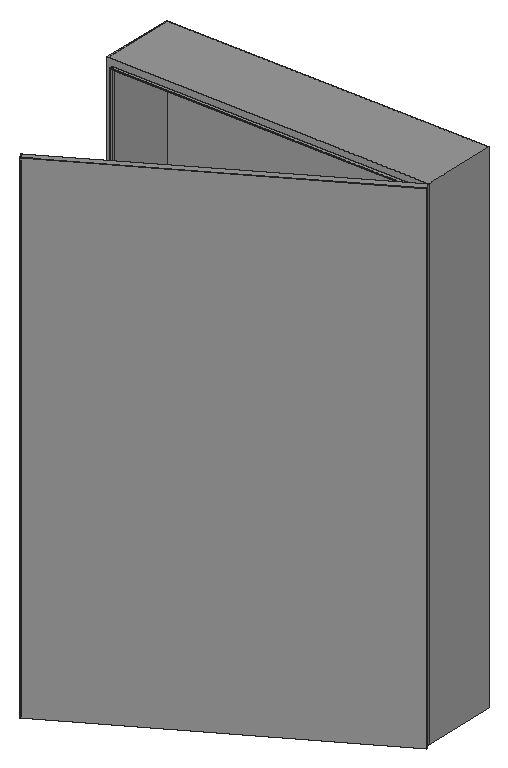
Revit family "Hager-Univers-IP44-D205-H1250-Cl.I-Encl-NoHosted-CH-it", category Electrical Equipment, Revit 2020
Family settings
  Panel Configuration = Two Columns, Circuits Across
  Round Connector Dimension = Use Diameter
  Part Type = Panelboard
  Work Plane-Based = Yes
  Always vertical = Yes
  Cut with Voids When Loaded = No
  Shared = No
  Room Calculation Point = No
Parameters (values of type "A parete IP44 L800 A1250 P205  - FP83TN2")
  Width Control [instance] = if([EF000008 - Larghezza] > Min Width, [EF000008 - Larghezza], Min Width)  # 800 mm
  Type Comments = [HG000003 - Gamma]  # "Univers"
  Thickness Door [instance] = if([EF009171 - spessore materiale porta/coperchio] > 3 mm, 3 mm, [EF009171 - spessore materiale porta/coperchio])  # 1 mm
  Seal Frame Offset [instance] = 17 mm  # constant formula
  Plinth Visibility [instance] = [HG000027 - Altezza dello zoccolo] > 0 mm  # no
  Min Width [instance] = 100 mm  # constant formula
  Min Depth [instance] = (2 * [EF009170 - spessore materiale scatola]) + 1 mm  # 3 mm
  Min Height [instance] = 100 mm  # constant formula
  Internal Frame Depth [instance] = (Door System Depth * 0.5)  # 9 mm
  Panel Name [instance] = ""  # (empty or 0)
  Model = ""
  HG000027 - Altezza dello zoccolo = 0 mm
  HG000026 - A pavimento = no
  HG000024 - Altezza della sezione inferiore = 600 mm
  HG000023 - Custodia a doppia sezione = no
  HG000016 - Visibilità delle porte nella vista 3D [instance] = yes
  HG000015 - Visibilità attraverso la porta [instance] = no
  HG000014 - Porta destra [instance] = yes
  HG000013 - Porta sinistra [instance] = not([HG000014 - Porta destra])  # no
  HG000012 - Angolo di apertura della porta [instance] = 30.00°
  HG000010 - Porte asimmetriche = no
  HG000009 - Porta doppia a battente = no
  HG000006 - Ad incasso = no
  HG000004 - Codice produttore = "FP83TN2"
  HG000003 - Gamma = "Univers"
  HG000002 - Con porta = yes
  Frame Offset Bottom [instance] = 10 mm  # constant formula
  Frame Offset [instance] = 15 mm  # constant formula
  EF015940 - Coprire con rilascio di sovrapressione = no
  EF011959 - tipo di protezione (NEMA) = ""
  EF009554 - numero delle aperture per la piastra della flangia = 6
  EF009212 - esecuzione coperchio = "EV000116 - chiuso"
  EF009171 - spessore materiale porta/coperchio = 1 mm
  EF009170 - spessore materiale scatola = 1 mm
  EF008873 - corrente nominale (In) = 250 A
  EF007800 - adatto per parafulmine = no
  EF006306 - con serratura = no
  EF006244 - coperchio/porta trasparente = no
  EF005474 - grado di protezione (IP) = "EV006418 - IP44"
  EF004464 - tipo di porta = "EV002646 - singolo"
  EF004427 - numero di moduli = 288
  EF004293 - resistenza agli urti = "EV006815 - IK09"
  EF003532 - adatto per uso esterno = no
  EF002950 - Numero moduli DIN = 36
  EF001613 - Integrità del circuito = "EV000494 - senza"
  EF001596 - Attacco Lampada = "EV000179 - acciaio"
  EF001131 - profondità interna = 130 mm
  EF001088 - possibilità di applicazione = yes
  EF000437 - numero di ingressi per conduttori = 6
  EF000339 - tipo di copertura = "EV001012 - coperchio"
  EF000266 - numero di file = 8
  EF000218 - profondità di incasso = 205 mm
  EF000118 - con piastra di montaggio = no
  EF000116 - numero RAL = "9010"
  EF000049 - profondità = 205 mm
  EF000040 - Altezza = 1250 mm
  EF000008 - Larghezza = 800 mm
  EF000007 - colore = "EV000202 - bianco"
  EF000003 - Tipo di montaggio = "EV000384 - A parete"
  Door System Leaf Tolerance [instance] = 1.5 mm  # constant formula
  Door System Depth [instance] = 18 mm  # constant formula
  Door Height [instance] = Height Control - [HG000027 - Altezza dello zoccolo]  # 1250 mm
  Description = ""
  Default Elevation = 1219.2 mm
  Connector Offset [instance] = Height Control / 2  # 625 mm
  Manufacturer = "Hager"  # constant formula
  Height Control [instance] = if([EF000040 - Altezza] > Min Height, [EF000040 - Altezza], Min Height)  # 1250 mm
  Depth Control [instance] = if([EF000049 - profondità] > Min Depth, [EF000049 - profondità], Min Depth)  # 205 mm
  Bottom Top Plate Trim [instance] = 1.5 mm  # constant formula
  Plinth height Ctrl [instance] = if([HG000027 - Altezza dello zoccolo] > 0 mm, [HG000027 - Altezza dello zoccolo], 12 mm)  # 12 mm
Types (10, lengths in mm): name | Width Control | HG000010 - Porte asimmetriche | HG000009 - Porta doppia a battente | HG000004 - Codice produttore | EF009554 - numero delle aperture per la piastra della flangia | EF004464 - tipo di porta | EF004427 - numero di moduli | EF002950 - Numero moduli DIN | EF000437 - numero di ingressi per conduttori | EF000218 - profondità di incasso | EF000008 - Larghezza
  A parete IP44 L1050 A1250 P205  - FP84QT | 1050 | no | no | "FP84QT" | 8 | "EV003602 - doppio" | 384 | 48 | 8 | 0 | 1050
  A parete IP44 L1050 A1250 P205  - FP84TN2 | 1050 | no | yes | "FP84TN2" | 8 | "EV003602 - doppio" | 384 | 48 | 8 | 205 | 1050
  A parete IP44 L1300 A1250 P205  - FP85QT | 1300 | no | no | "FP85QT" | 10 | "EV003602 - doppio" | 480 | 60 | 10 | 0 | 1300
  A parete IP44 L1300 A1250 P205  - FP85TN2 | 1300 | yes | yes | "FP85TN2" | 10 | "EV003602 - doppio" | 480 | 60 | 10 | 205 | 1300
  A parete IP44 L300 A1250 P205  - FP81QT | 300 | no | no | "FP81QT" | 2 | "EV002646 - singolo" | 96 | 12 | 2 | 0 | 300
  A parete IP44 L300 A1250 P205  - FP81TN2 | 300 | no | no | "FP81TN2" | 2 | "EV002646 - singolo" | 96 | 12 | 2 | 205 | 300
  A parete IP44 L550 A1250 P205  - FP82QT | 550 | no | no | "FP82QT" | 4 | "EV002646 - singolo" | 192 | 24 | 4 | 0 | 550
  A parete IP44 L550 A1250 P205  - FP82TN2 | 550 | no | no | "FP82TN2" | 4 | "EV002646 - singolo" | 192 | 24 | 4 | 205 | 550
  A parete IP44 L800 A1250 P205  - FP83QT | 800 | no | no | "FP83QT" | 6 | "EV002646 - singolo" | 288 | 36 | 6 | 0 | 800
  A parete IP44 L800 A1250 P205  - FP83TN2 | 800 | no | no | "FP83TN2" | 6 | "EV002646 - singolo" | 288 | 36 | 6 | 205 | 800
Reference planes
  plane 1 "Center (Front/Back)": y = 0
  plane 2: z = 0
  plane 3 "Center (Left/Right)": x = 0
  plane 4: y = 0
  plane 5: y = 0
  plane 6: z = 0
  plane 7: x = -400
  plane 8: x = 400
  plane 9: x = 399
  plane 10: x = -399
  plane 11: z = 0
  plane 12: z = 1
  plane 13: y = -205
  plane 14: y = -1
  plane 15: x = 0
  plane 16: y = -187
  plane 17: y = -204
  plane 18: y = -186
  plane 19: x = -384
  plane 20: x = 384
  plane 21: z = 11
  plane 22: x = -383
  plane 23: x = 383
  plane 24: z = 0
  plane 25: z = 1250
  plane 26: z = 1250
  plane 27: z = 1234
  plane 28: z = 1249
Forms (mm)
  Extrusion 1, solid, material "Hager_Steel_RAL7035_Light_Grey", detail levels medium+fine
    sketch origin (-208.679, -4572, 0) x (-1, 0, 0) y (0, -1, 0)
      loop
        line (191.321, -4385) -> (-608.679, -4385) -> (-608.679, -4572) -> (191.321, -4572) -> (191.321, -4385)
    from 0 to 1250
  Extrusion 2, void
    sketch origin (-350.771, -205, 1219.2) x (1, 0, 0) y (0, 0, 1)
      loop
        line (-48.229, 29.8) -> (-48.229, -1218.2) -> (749.771, -1218.2) -> (749.771, 29.8) -> (-48.229, 29.8)
    from -19 to -204
  Extrusion 3, void
    sketch origin (-290.084, -187, 1219.2) x (1, 0, 0) y (0, 0, 1)
      loop
        line (-93.916, -1208.2) -> (674.084, -1208.2) -> (674.084, 14.8) -> (-93.916, 14.8) -> (-93.916, -1208.2)
    from 0 to -1
  Extrusion 4, solid, material "Hager_Steel_RAL7035_Light_Grey", visible <- "Plinth Visibility", detail levels medium+fine
    sketch origin (0, 0, 0) x (1, 0, 0) y (0, 1, 0)
      loop
        line (-400, 0) -> (-400, -187) -> (400, -187) -> (400, 0) -> (-400, 0)
    from 0 to 12 <- "Plinth height Ctrl"
  Extrusion 5, solid, material "Hager_Steel_RAL7035_Light_Grey", detail levels coarse
    sketch origin (0, 0, 0) x (1, 0, 0) y (0, 1, 0)
      loop
        line (-400, 0) -> (-400, -205) -> (400, -205) -> (400, 0) -> (-400, 0)
    from 0 to 1250 <- "Height Control"
  Sweep 6, void
    path in 3D
      loop
        line (-400, -187, 12) -> (400, -187, 12) -> (400, 0, 12) -> (-400, 0, 12) -> (-400, -187, 12)
    profile origin (-400, -93.5, 12) x (1, 0, 0) y (0, 0, 1)
      loop
        line (0, 0) -> (0, -1.5) -> (1.5, -1.5)
        arc (1.5, -1.5) -> (1.061, -0.439) -> (0, 0) r 1.5
  Extrusion 7, solid, material "Hager_Steel_RAL7035_Light_Grey", detail levels fine
    sketch origin (-400, -187, 0) x (1, 0, 0) y (0, 0, 1)
      loop
        line (16, 11) -> (784, 11) -> (784, 1234) -> (16, 1234) -> (16, 11)
      loop
        line (15, 10) -> (785, 10) -> (785, 1235) -> (15, 1235) -> (15, 10)
    from 0 to 9 <- "Internal Frame Depth"
Cuts and joins
  Extrusion 2, Extrusion 3 cuts Extrusion 1
  Sweep 6 cuts Extrusion 4
Lines and regions (mm)
  Masking region 1
    outline origin (0, 0, 0) x (1, 0, 0) y (0, 1, 0)
      loop
        line (-400, 0) -> (-400, -205) -> (400, -205) -> (400, 0) -> (-400, 0)
  Masking region 2, detail levels coarse
    outline origin (-290.084, -187, 1219.2) x (-1, 0, 0) y (0, 0, 1)
      loop
        line (-690.084, -1219.2) -> (109.916, -1219.2) -> (109.916, 30.8) -> (-690.084, 30.8) -> (-690.084, -1219.2)
  Masking region 3, detail levels coarse
    outline origin (0, 0, 0) x (0, 1, 0) y (0, 0, 1)
      loop
        line (0, 0) -> (0, 1250) -> (-205, 1250) -> (-205, 0) -> (0, 0)
  Masking region 4, visible <- "Plinth Visibility", detail levels medium+fine
    outline origin (0, 0, 0) x (0, 1, 0) y (0, 0, 1)
      loop
        line (-1.5, 12) -> (-185.5, 12)
        arc (-185.5, 12) -> (-185.939, 10.939) -> (-187, 10.5) r 1.5
        line (-187, 10.5) -> (-187, 0) -> (0, 0) -> (0, 10.5)
        arc (0, 10.5) -> (-1.061, 10.939) -> (-1.5, 12) r 1.5
  Masking region 5, detail levels medium+fine
    outline origin (0, 0, 594.038) x (0, 1, 0) y (0, 0, 1)
      loop
        line (0, -594.038) -> (0, 655.962) -> (-187, 655.962) -> (-187, -594.038) -> (0, -594.038)
  Masking region 6, detail levels medium+fine
    outline origin (-359.7, -187, 1211.883) x (-1, 0, 0) y (0, 0, 1)
      loop
        line (-759.7, -1211.883) -> (40.3, -1211.883) -> (40.3, 38.117) -> (-759.7, 38.117) -> (-759.7, -1211.883)
  Masking region 7, visible <- "Plinth Visibility", detail levels medium+fine
    outline origin (-320.334, -187, 1041.368) x (-1, 0, 0) y (0, 0, 1)
      loop
        line (-720.334, -1041.368) -> (79.666, -1041.368) -> (79.666, -1030.868)
        arc (79.666, -1030.868) -> (78.606, -1030.429) -> (78.166, -1029.368) r 1.5
        line (78.166, -1029.368) -> (-718.834, -1029.368)
        arc (-718.834, -1029.368) -> (-719.273, -1030.429) -> (-720.334, -1030.868) r 1.5
        line (-720.334, -1030.868) -> (-720.334, -1041.368)
  sketch lines
    curve 1: line (-400, 0, 12) -> (-400, -187, 12)
    curve 2: line (-400, -187, 12) -> (400, -187, 12)
    curve 3: line (400, 0, 12) -> (-400, 0, 12)
    curve 4: line (400, -187, 12) -> (400, 0, 12)
Dimensions and locks
  locked: plane 1 "Center (Front/Back)" to plane 5
  "EF009170 - spessore materiale scatola": plane 7 to plane 10
  "EF009170 - spessore materiale scatola": plane 8 to plane 9
  equal spacing: plane 7, plane 3 "Center (Left/Right)", plane 8
  "Width Control": plane 7 to plane 8
  "Depth Control": plane 4 to plane 13
  "EF009170 - spessore materiale scatola": plane 4 to plane 14
  "Height Control": plane 25 to level
  "HG000027 - Altezza dello zoccolo": plane 11 to level
  "EF009170 - spessore materiale scatola": plane 12 to plane 11
  "EF009170 - spessore materiale scatola": plane 17 to plane 13
  "EF009170 - spessore materiale scatola": plane 18 to plane 16
  "Frame Offset Bottom": plane 21 to plane 12
  "Frame Offset": plane 10 to plane 19
  "Frame Offset": plane 9 to plane 20
  "Door System Depth": plane 16 to plane 13
  "Seal Frame Offset": plane 7 to plane 22
  "Seal Frame Offset": plane 8 to plane 23
  "EF009170 - spessore materiale scatola": plane 26 to plane 28
  "Frame Offset": plane 28 to plane 27
  "Connector Offset": plane 2 to connector elem
  "Bottom Top Plate Trim": profile plane to Sweep 6 sketch curve
  "Bottom Top Plate Trim": Sweep 6 sketch curve to Sweep 6 sketch curve
  "Plinth height Ctrl": Masking region 4 sketch curve to level
  "Plinth height Ctrl": Masking region 7 sketch curve to level
  "Thickness Door": Extrusion 7 sketch curve to Extrusion 7 sketch curve  (x4)
  "Bottom Top Plate Trim": radius of Sweep 6 sketch curve
  "Bottom Top Plate Trim": radius of Masking region 4 sketch curve  (x2)
  "Bottom Top Plate Trim": radius of Masking region 7 sketch curve  (x2)
  aligned and locked: Extrusion 2 sketch curve to plane 12
  aligned and locked: Extrusion 2 sketch curve to plane 9
  aligned and locked: Extrusion 2 sketch curve to plane 10
  aligned and locked: Extrusion 2 to plane 14
  aligned and locked: Extrusion 1 sketch curve to plane 4
  aligned and locked: plane 8 to Extrusion 1 sketch curve
  aligned and locked: plane 7 to Extrusion 1 sketch curve
  aligned and locked: Extrusion 2 to plane 18
  aligned and locked: Extrusion 3 sketch curve to plane 19
  aligned and locked: plane 20 to Extrusion 3 sketch curve
  aligned and locked: Extrusion 3 to Extrusion 2
  aligned and locked: Extrusion 3 sketch curve to plane 21
  aligned and locked: plane 3 "Center (Left/Right)" to nested 1
  aligned and locked: Extrusion 1 sketch curve to plane 16
  aligned and locked: Extrusion 4 sketch curve to cut or joined group of Extrusion 1, Extrusion 2, Extrusion 3
  aligned and locked: Masking region 1 sketch curve to plane 7
  aligned and locked: Masking region 1 sketch curve to plane 5
  aligned and locked: Masking region 1 sketch curve to plane 8
  aligned and locked: Masking region 2 sketch curve to level
  aligned and locked: level to Masking region 3 sketch curve
  aligned and locked: plane 1 "Center (Front/Back)" to Masking region 3 sketch curve
  aligned and locked: plane 13 to Masking region 3 sketch curve
  aligned and locked: plane 5 to Masking region 4 sketch curve
  aligned and locked: Masking region 2 sketch curve to plane 8
  aligned and locked: Masking region 2 sketch curve to plane 7
  aligned and locked: plane 7 to nested 2
  aligned and locked: nested 2 to plane 5
  aligned and locked: plane 5 to Masking region 5 sketch curve
  aligned and locked: plane 26 to Masking region 5 sketch curve
  aligned and locked: Extrusion 5 sketch curve to plane 8
  aligned and locked: Extrusion 5 sketch curve to plane 7
  aligned and locked: Extrusion 5 sketch curve to plane 5
  aligned and locked: Extrusion 3 sketch curve to plane 27
  aligned and locked: Extrusion 2 sketch curve to plane 28
  aligned and locked: Masking region 2 to plane 25
  aligned and locked: Extrusion 4 to plane 16
  aligned and locked: profile plane to Sweep 6 sketch curve
  aligned and locked: Masking region 5 sketch curve to plane 24
  aligned and locked: level to Masking region 4 sketch curve
  aligned and locked: Masking region 1 to plane 13
  aligned and locked: nested 1 to plane 16
  aligned and locked: Masking region 3 to plane 25
  aligned and locked: plane 16 to Masking region 4 sketch curve
  aligned and locked: Masking region 5 sketch curve to plane 16
  aligned and locked: plane 24 to plane 11
  aligned and locked: plane 26 to plane 25
  aligned and locked: plane 26 to cut or joined group of Extrusion 1, Extrusion 2, Extrusion 3
  aligned and locked: nested 1 to plane 24
  aligned and locked: Extrusion 1 to Extrusion 3
  aligned and locked: Masking region 6 sketch curve to plane 8
  aligned and locked: Masking region 6 sketch curve to plane 24
  aligned and locked: Masking region 6 sketch curve to plane 7
  aligned and locked: Masking region 6 sketch curve to plane 26
  aligned and locked: Masking region 7 sketch curve to plane 7
  aligned and locked: level to Masking region 7 sketch curve
  aligned and locked: Masking region 7 sketch curve to plane 8
  aligned and locked: Extrusion 7 sketch curve to cut or joined group of Extrusion 1, Extrusion 2, Extrusion 3  (x4)
Automatic sketch dimensions
  plane 19 to Extrusion 3 sketch curve = 0 mm
  Extrusion 3 sketch curve to plane 20 = 0 mm
  Extrusion 3 sketch curve to plane 21 = 0 mm
  Extrusion 4 sketch curve to plane 7 = 0 mm
  Extrusion 4 sketch curve to plane 8 = 0 mm
  Extrusion 4 sketch curve to plane 16 = 0 mm
  Masking region 1 sketch curve to plane 13 = 0 mm
  Masking region 2 sketch curve to plane 25 = 0 mm
  Masking region 3 sketch curve to plane 25 = 0 mm
  Extrusion 5 sketch curve to plane 13 = 0 mm
  profile plane to Sweep 6 sketch curve = 0 mm
Nested families
  nested 1: "EC000058_Univers_Door" at (0, -187, 0), Double <- "HG000009 - Porta doppia a battente", Transparent <- "EF006244 - coperchio/porta trasparente", Angle <- "HG000012 - Angolo di apertura della porta", Door_Right <- "HG000014 - Porta destra", Assymetrical <- "HG000010 - Porte asimmetriche", Door <- "HG000002 - Con porta", Width_Ctrl <- "Width Control", 3d_Door <- "HG000016 - Visibilità delle porte nella vista 3D", Clearance <- "HG000015 - Visibilità attraverso la porta", Door_Left <- "HG000013 - Porta sinistra", Width <- "Width Control", Door_Depth <- "Door System Depth", Leaf_Tolerance <- "Door System Leaf Tolerance", Height <- "Door Height", Lock_Visibility <- "EF006306 - con serratura", Thickness <- "Thickness Door", type "EC000058_Univers_Door", detail levels medium+fine
    with min_wh 3 mm, Width_Ctrl 800 mm, Width 800 mm, Transparent no, Thickness 1 mm, Seal_Material Hager_Rubber, Lock_Visibility no, Lock_Material Hager_Plastic_RAL9005_Jet_Black, Leaf_Width 800 mm, Leaf_Tolerance_External_Sides 0 mm, Leaf_Tolerance 1.5 mm, Leaf_Offset 0 mm, Leaf_Height 1247 mm, Leaf_2_Width 800 mm, Leaf_2_Offset 400 mm, Leaf_1_Width 800 mm, Leaf_1_Offset 400 mm, Height_Ctrl 1250 mm, Height 1250 mm, Glass_Material Hager_Glass, Double_Clearance_Ctrl no, Double no, Door_Right_Ctrl yes, Door_Right yes, Door_Material Hager_Steel_RAL7035_Light_Grey, Door_Left_Ctrl no, Door_Left no, Door_Depth 18 mm, Door yes, Clearance_Material Hager_Clearance, Clearance_Depth 800 mm, Clearance_Ctrl no, Clearance no, Assymetrical no, Angle 30.00°, 3d_Door yes
  nested 2: "Hager_Enclosure_Symbol" at (-400, 0, 0), Height <- "Depth Control", Width <- "Width Control", type "Hager_Enclosure_Symbol"
    with Width_Ctrl 800 mm, Width 800 mm, Height_Ctrl 205 mm, Height 205 mm, A_Width_Int 13.453 mm, A_Width 161.438 mm, A_Height_Ctrl 179.375 mm, A_Height 179.375 mm
Connectors
  electrical at (0, 0, 625)
    settings: on plane 1 "Center (Front/Back)", index 1, voltage 0 V, apparent load 0 VA, apparent load phase1 0 VA, apparent load phase2 0 VA, apparent load phase3 0 VA, power factor 1, load classification "Other", number of poles 1, system type 30, power factor state 1, is connector primary yes, connector utility no, sub classification motor no, connector description ""
Definition of nested family "EC000058_Univers_Door"
  Parameters (values of type "EC000058_Univers_Door")
    min_wh [instance] = (2 * Thickness) + 1 mm  # 11 mm
    Width_Ctrl [instance] = 400 mm
    Width [instance] = 500 mm
    Transparent [instance] = yes
    Thickness [instance] = 5 mm
    Seal_Material [instance] = none
    Lock_Visibility [instance] = yes
    Lock_Material [instance] = none
    Leaf_Width [instance] = if((Width_Ctrl - 2 * Leaf_Tolerance_External_Sides) > 0 mm, (Width_Ctrl - 2 * Leaf_Tolerance_External_Sides), min_wh)  # 400 mm
    Leaf_Tolerance_External_Sides [instance] = 0 mm  # constant formula
    Leaf_Tolerance [instance] = 1.5 mm
    Leaf_Offset [instance] = 0 mm  # constant formula
    Leaf_Height [instance] = if((Height_Ctrl - 2 * Leaf_Tolerance) > 0 mm, (Height_Ctrl - 2 * Leaf_Tolerance), min_wh)  # 497 mm
    Leaf_2_Width [instance] = if(and(and(Double, Assymetrical), Door_Left), (Leaf_Width / 3) - (Leaf_Tolerance / 2), if(and(and(Double, Assymetrical), Door_Right), (Leaf_Width / 3) * 2 - (Leaf_Tolerance / 2), if(and(Double, not(Assymetrical)), (Leaf_Width / 2) - Leaf_Tolerance, Leaf_Width)))  # 400 mm
    Leaf_2_Offset [instance] = if(and(Double, Assymetrical), Leaf_2_Width / 2, if(and(Double, not(Assymetrical)), Leaf_Width / 4, Leaf_Width / 2))  # 200 mm
    Leaf_1_Width [instance] = if(and(and(Double, Assymetrical), Door_Right), (Leaf_Width / 3) - (Leaf_Tolerance / 2), if(and(and(Double, Assymetrical), Door_Left), (Width / 3) * 2 - (Leaf_Tolerance / 2), if(and(Double, not(Assymetrical)), (Leaf_Width / 2) - Leaf_Tolerance, Leaf_Width)))  # 400 mm
    Leaf_1_Offset [instance] = if(and(Double, Assymetrical), Leaf_1_Width / 2, if(and(Double, not(Assymetrical)), Leaf_Width / 4, Leaf_Width / 2))  # 200 mm
    Height_Ctrl [instance] = if(Height > min_wh, Height, min_wh)  # 500 mm
    Height [instance] = 500 mm
    Glass_Material [instance] = none
    Double_Clearance_Ctrl [instance] = and(Double, Clearance)  # no
    Double [instance] = no
    Door_Right_Ctrl [instance] = and(or(Door_Right, Double), Door)  # yes
    Door_Right [instance] = yes
    Door_Material [instance] = none
    Door_Left_Ctrl [instance] = and(or(Door_Left, Double), Door)  # no
    Door_Left [instance] = no
    Door_Depth [instance] = 30 mm
    Door [instance] = yes
    Default Elevation = 1219.2 mm
    Clearance_Material [instance] = none
    Clearance_Depth [instance] = if(Leaf_1_Width > Leaf_2_Width, Leaf_1_Width, Leaf_2_Width)  # 400 mm
    Clearance_Ctrl [instance] = and(not(Double), Clearance)  # yes
    Clearance [instance] = yes
    Assymetrical [instance] = yes
    Angle [instance] = 30.00°
    3d_Door [instance] = yes
  Reference planes
    plane 1 "Center (Front/Back)": y = 0
    plane 2 "Bottom": z = 0
    plane 3 "Center (Left/Right)": x = 0
    plane 4: z = 500
    plane 5: x = -200
    plane 6: x = 200
    plane 7: z = 500
    plane 8: x = -200
    plane 9: z = 0
    plane 10: x = 200
    plane 11: y = 0
    plane 12: z = 1.5
    plane 13: x = -600
    plane 14: y = -400
    plane 15: x = 600
    plane 16: x = 0
    plane 17: x = 0
    plane 18: x = -200
    plane 19: x = 200
    plane 20: z = 498.5
  Forms (mm)
    Extrusion 1, solid, material <- "Clearance_Material", visible <- "Double_Clearance_Ctrl"
      sketch origin (1200, 0, 0) x (1, 0, 0) y (0, 0, -1)
        loop
          line (-1800, -498.5) -> (-600, -498.5) -> (-600, 0) -> (-1800, 0) -> (-1800, -498.5)
      from 0 to -400
  Dimensions and locks
    equal spacing: plane 5, plane 3 "Center (Left/Right)", plane 6
    "Width_Ctrl": plane 5 to plane 6
    "Leaf_Offset": plane 5 to plane 8
    "Leaf_Offset": plane 6 to plane 10
    "Leaf_Offset": plane 9 to level
    "Leaf_Offset": plane 4 to plane 7
    "Height_Ctrl": plane 4 to level
    "Leaf_Tolerance": plane 12 to plane 9
    locked: plane 11 to plane 1 "Center (Front/Back)"
    "Leaf_1_Offset": plane 18 to plane 16
    "Leaf_2_Offset": plane 17 to plane 19
    "Leaf_1_Width": plane 13 to plane 8
    "Leaf_2_Width": plane 10 to plane 15
    "Clearance_Depth": plane 14 to plane 1 "Center (Front/Back)"
    "Leaf_Tolerance_External_Sides": plane 8 to plane 18
    "Leaf_Tolerance_External_Sides": plane 19 to plane 10
    "Leaf_Tolerance": plane 7 to plane 20
    aligned and locked: level to plane 2 "Bottom"
    aligned and locked: nested 1 to plane 16
    aligned and locked: nested 2 to plane 17
    aligned and locked: Extrusion 1 to plane 13
    aligned and locked: plane 15 to Extrusion 1
    aligned and locked: Extrusion 1 to plane 14
    aligned and locked: plane 12 to nested 1
    aligned and locked: nested 2 to plane 12
    aligned and locked: Extrusion 1 to plane 11
    aligned and locked: plane 20 to Extrusion 1
    aligned and locked: nested 2 to plane 11
    aligned and locked: nested 1 to plane 11
  Automatic sketch dimensions
    Extrusion 1 sketch curve to level = 0 mm
    plane 5 to Extrusion 1 sketch curve = 400 mm
    plane 6 to Extrusion 1 sketch curve = 400 mm
    Extrusion 1 sketch curve to plane 4 = 1.5 mm
  Nested families
    nested 1: "EC000058_Univers_Door_Leaf" at (0, 0, 1.5), Width <- "Leaf_1_Width", visible <- "Door_Left_Ctrl", Leaf_Height <- "Leaf_Height", Angle <- "Angle", 3d_Door <- "3d_Door", Transparent <- "Transparent", Clearance Material <- "Clearance_Material", Clearance <- "Clearance_Ctrl", Door_Material <- "Door_Material", Glass_Material <- "Glass_Material", Door_Depth <- "Door_Depth", Lock_Material <- "Lock_Material", Seal_Material <- "Seal_Material", Lock_Visibility <- "Lock_Visibility", Thickness <- "Thickness", type "EC000058_Univers_Door_Leaf"
      with Width 400 mm, Transparent_Glass_Offset 30 mm, Transparent_Ctrl yes, Transparent yes, Thickness 5 mm, Standard no, Seal_Material none, Seal_D2 8 mm, Seal_D1 1 mm, Offset_Internal_Frame 10 mm, Lock_Width 20 mm, Lock_Visibility_3d yes, Lock_Visibility yes, Lock_Thickness_3 3 mm, Lock_Thickness_2 1 mm, Lock_Thickness_1 3 mm, Lock_Radius_Offset_2 16 mm, Lock_Radius_Offset_1 15 mm, Lock_Radius_2 5 mm, Lock_Radius 6 mm, Lock_Offset 5 mm, Lock_Material none, Lock_Height 80 mm, Lock_Cover_Top_Offset_2d 17 mm, Lock_Cover_Height -65 mm, Leaf_Height 497 mm, Internal_Seal_Thickness 8 mm, Internal_Seal_Depth_2 4.5 mm, Internal_Frame_Depth 25 mm, Glass_Thickness -1 mm, Glass_Offset -2 mm, Glass_Material none, Door_Material none, Door_Depth 30 mm, Clearance Material none, Clearance yes, Angle_Ctrl 30.00°, Angle 30.00°, 3d_Door yes
    nested 2: "EC000058_Univers_Door_Leaf" at (0, 0, 1.5) x (-1, 0, 0) z (0, 0, 1), Width <- "Leaf_2_Width", visible <- "Door_Right_Ctrl", Leaf_Height <- "Leaf_Height", Angle <- "Angle", 3d_Door <- "3d_Door", Transparent <- "Transparent", Clearance Material <- "Clearance_Material", Clearance <- "Clearance_Ctrl", Door_Material <- "Door_Material", Glass_Material <- "Glass_Material", Door_Depth <- "Door_Depth", Lock_Material <- "Lock_Material", Seal_Material <- "Seal_Material", Lock_Visibility <- "Lock_Visibility", Thickness <- "Thickness", type "EC000058_Univers_Door_Leaf"
      with Width 400 mm, Transparent_Glass_Offset 30 mm, Transparent_Ctrl yes, Transparent yes, Thickness 5 mm, Standard no, Seal_Material none, Seal_D2 8 mm, Seal_D1 1 mm, Offset_Internal_Frame 10 mm, Lock_Width 20 mm, Lock_Visibility_3d yes, Lock_Visibility yes, Lock_Thickness_3 3 mm, Lock_Thickness_2 1 mm, Lock_Thickness_1 3 mm, Lock_Radius_Offset_2 16 mm, Lock_Radius_Offset_1 15 mm, Lock_Radius_2 5 mm, Lock_Radius 6 mm, Lock_Offset 5 mm, Lock_Material none, Lock_Height 80 mm, Lock_Cover_Top_Offset_2d 17 mm, Lock_Cover_Height -65 mm, Leaf_Height 497 mm, Internal_Seal_Thickness 8 mm, Internal_Seal_Depth_2 4.5 mm, Internal_Frame_Depth 25 mm, Glass_Thickness -1 mm, Glass_Offset -2 mm, Glass_Material none, Door_Material none, Door_Depth 30 mm, Clearance Material none, Clearance yes, Angle_Ctrl 30.00°, Angle 30.00°, 3d_Door yes
  Definition of nested family "EC000058_Univers_Door_Leaf"
    Parameters (values of type "EC000058_Univers_Door_Leaf")
      Width [instance] = 2000 mm
      Transparent_Glass_Offset [instance] = 30 mm
      Transparent_Ctrl [instance] = and(Transparent, [3d_Door])  # yes
      Transparent [instance] = yes
      Thickness [instance] = 5 mm
      Standard [instance] = and(not(Transparent), [3d_Door])  # no
      Seal_Material [instance] = none
      Seal_D2 [instance] = 8 mm  # constant formula
      Seal_D1 [instance] = 1 mm  # constant formula
      Offset_Internal_Frame [instance] = 10 mm  # constant formula
      Lock_Width [instance] = 20 mm  # constant formula
      Lock_Visibility_3d [instance] = and(Lock_Visibility, [3d_Door])  # yes
      Lock_Visibility [instance] = yes
      Lock_Thickness_3 [instance] = 3 mm  # constant formula
      Lock_Thickness_2 [instance] = 1 mm  # constant formula
      Lock_Thickness_1 [instance] = 3 mm  # constant formula
      Lock_Radius_Offset_2 [instance] = Lock_Radius_Offset_1 + 1 mm  # 16 mm
      Lock_Radius_Offset_1 [instance] = 15 mm  # constant formula
      Lock_Radius_2 [instance] = Lock_Radius - 1 mm  # 5 mm
      Lock_Radius [instance] = 6 mm  # constant formula
      Lock_Offset [instance] = 5 mm  # constant formula
      Lock_Material [instance] = none
      Lock_Height [instance] = 80 mm  # constant formula
      Lock_Cover_Top_Offset_2d [instance] = Lock_Radius_Offset_2 + 1 mm  # 17 mm
      Lock_Cover_Height [instance] = -(Lock_Height - Lock_Radius_Offset_1)  # -65 mm
      Leaf_Height [instance] = 2720.336 mm
      Internal_Seal_Thickness [instance] = 8 mm  # constant formula
      Internal_Seal_Depth_2 [instance] = 4.5 mm  # constant formula
      Internal_Frame_Depth [instance] = if(Door_Depth - Thickness > 5 mm, Door_Depth - Thickness, 5 mm)  # 25 mm
      Glass_Thickness [instance] = if(Thickness > 15 mm, Glass_Offset + 10 mm, -1 mm)  # -1 mm
      Glass_Offset [instance] = if(Thickness > 15 mm, -(Thickness + 10 mm) / 2, -2 mm)  # -2 mm
      Glass_Material [instance] = none
      Door_Material [instance] = none
      Door_Depth [instance] = 30 mm
      Default Elevation = 0 mm
      Clearance Material [instance] = none
      Clearance [instance] = yes
      Angle_Ctrl [instance] = if(Angle > 180.00°, 180.00°, Angle)  # 90.00°
      Angle [instance] = 90.00°
      3d_Door [instance] = yes
    Reference planes
      plane 1 "Center (Front/Back)": y = 0
      plane 2: z = 0
      plane 3 "Center (Left/Right)": x = 0
      plane 4: y = 2000
      plane 5: x = -1000
      plane 6: x = 1000
      plane 7: x = -3000
      plane 8: z = 2720.336
      plane 9: z = 30
      plane 10: z = 2690.336
      plane 11: x = 970
      plane 12: x = -970
      plane 13: y = -3
      plane 14: z = 107.833
      plane 15: y = -5
      plane 16: y = -223.314
      plane 17: x = -1000
      plane 18: z = 1360.168
      plane 19: y = 30
    Forms (mm)
      Extrusion 1, solid, material <- "Clearance Material", visible <- "Clearance"
        sketch origin (0, 0, 0) x (1, 0, 0) y (0, 0, 1)
          loop
            line (-3000, 2720.336) -> (-3000, 0) -> (1000, 0) -> (1000, 2720.336) -> (-3000, 2720.336)
        from 0 to -2000
      Extrusion 2, solid, material <- "Door_Material", visible <- "Standard", detail levels medium+fine
        sketch origin (-1000, 0, 0) x (0, 1, 0) y (-1, 0, 0)
          loop
            line (0, 30) -> (0, 25) -> (2000, 25) -> (2000, 30) -> (0, 30)
        from 0 to 2720.336 <- "Leaf_Height"
      Extrusion 3, solid, material <- "Door_Material", visible <- "Transparent_Ctrl", detail levels medium+fine
        sketch origin (-1000, 0, 0) x (0, 1, 0) y (-1, 0, 0)
          loop
            line (0, 25) -> (2000, 25) -> (2000, 30) -> (0, 30) -> (0, 25)
        from 0 to 2720.336 <- "Leaf_Height"
      Extrusion 4, void
        sketch origin (-1025, 2000, 0) x (0, 1, 0) y (0, 0, -1)
          loop
            line (-30, -2690.336) -> (-30, -30) -> (-1970, -30) -> (-1970, -2690.336) -> (-30, -2690.336)
        from 0 to 5 <- "Thickness"
      Sweep 5, solid, material <- "Seal_Material", visible <- "Transparent_Ctrl", detail levels fine
        path in 3D
          loop
            line (-1025, 30, 30) -> (-1025, 30, 2690.336) -> (-1025, 1970, 2690.336) -> (-1025, 1970, 30) -> (-1025, 30, 30)
        profile origin (-1025, 1000, 30) x (1, 0, 0) y (0, 0, 1)
          loop
            line (0, 0) -> (0, -8) -> (1, -8) -> (1, 0) -> (0, 0)
      Extrusion 6, solid, material <- "Glass_Material", visible <- "Transparent_Ctrl", detail levels medium+fine
        sketch origin (-1030, 0, 0) x (0, 1, 0) y (0, 0, -1)
          loop
            line (1970, -2690.336) -> (1970, -30) -> (30, -30) -> (30, -2690.336) -> (1970, -2690.336)
        from -2 <- "Glass_Offset" to -1 <- "Glass_Thickness"
      Extrusion 7, solid, material <- "Door_Material", visible <- "3d_Door", detail levels medium+fine
        sketch origin (-1025, 2000, 0) x (0, -1, 0) y (0, 0, -1)
          loop
            line (0, -2720.336) -> (2000, -2720.336) -> (2000, 0) -> (0, 0) -> (0, -2720.336)
          loop
            line (1995, -5) -> (5, -5) -> (5, -2715.336) -> (1995, -2715.336) -> (1995, -5)
        from 0 to 25 <- "Internal_Frame_Depth"
      Sweep 8, solid, material <- "Seal_Material", visible <- "Transparent_Ctrl", detail levels fine
        path in 3D
          loop
            line (-1025, 0, 0) -> (-1025, 2000, 0) -> (-1025, 2000, 2720.336) -> (-1025, 0, 2720.336) -> (-1025, 0, 0)
        profile origin (-1025, 0, 1360.168) x (1, 0, 0) y (0, 1, 0)
          loop
            line (0, 10) -> (2.975, 10)
            arc (2.975, 10) -> (4.053, 10.447) -> (4.5, 11.525) r 1.525
            line (4.5, 11.525) -> (4.5, 16.527)
            arc (4.5, 16.527) -> (4.069, 17.569) -> (3.027, 18) r 1.473
            line (3.027, 18) -> (0, 18) -> (0, 10)
      Extrusion 9, solid, material <- "Lock_Material", visible <- "Lock_Visibility_3d", detail levels fine
        sketch origin (-1030, 0, 0) x (0, 1, 0) y (0, 0, -1)
          loop
            arc (1993.5, -1400.168) -> (1994.561, -1399.729) -> (1995, -1398.668) r 1.5
            line (1995, -1398.668) -> (1995, -1320.168) -> (1975, -1320.168) -> (1975, -1398.668)
            arc (1975, -1398.668) -> (1975.439, -1399.729) -> (1976.5, -1400.168) r 1.5
            line (1976.5, -1400.168) -> (1993.5, -1400.168)
        from 3 <- "Lock_Thickness_1" to 0
      Blend 10, solid, material <- "Lock_Material", visible <- "Lock_Visibility_3d", detail levels fine
        base sketch origin (-1033, 0, 0) x (0, 1, 0) y (0, 0, -1)
          loop
            line (1975, -1320.168) -> (1975, -1398.668)
            arc (1975, -1398.668) -> (1975.439, -1399.729) -> (1976.5, -1400.168) r 1.5
            line (1976.5, -1400.168) -> (1993.5, -1400.168)
            arc (1993.5, -1400.168) -> (1994.561, -1399.729) -> (1995, -1398.668) r 1.5
            line (1995, -1398.668) -> (1995, -1320.168) -> (1975, -1320.168)
        top sketch origin (-1033, 0, 0) x (0, 1, 0) y (0, 0, -1)
          loop
            line (1976, -1320.168) -> (1976, -1398.668)
            arc (1976, -1398.668) -> (1976.146, -1399.022) -> (1976.5, -1399.168) r 0.5
            line (1976.5, -1399.168) -> (1993.5, -1399.168)
            arc (1993.5, -1399.168) -> (1993.854, -1399.022) -> (1994, -1398.668) r 0.5
            line (1994, -1398.668) -> (1994, -1320.168) -> (1976, -1320.168)
        from 0 to 1 <- "Lock_Thickness_2"
      Blend 11, solid, material <- "Lock_Material", visible <- "Lock_Visibility_3d", detail levels fine
        base sketch origin (-1034, 0, 0) x (0, 1, 0) y (0, 0, -1)
          loop
            line (1978, -1320.168) -> (1978, -1384.168)
            arc (1978, -1384.168) -> (1985, -1391.168) -> (1992, -1384.168) r 7
            line (1992, -1384.168) -> (1992, -1320.168) -> (1978, -1320.168)
        top sketch origin (-1034, 0, 0) x (0, 1, 0) y (0, 0, -1)
          loop
            line (1991, -1320.168) -> (1979, -1320.168) -> (1979, -1383.168)
            arc (1979, -1383.168) -> (1985, -1389.168) -> (1991, -1383.168) r 6
            line (1991, -1383.168) -> (1991, -1320.168)
        from 0 to 3 <- "Lock_Thickness_3"
      Extrusion 12, solid, material <- "Lock_Material", visible <- "Lock_Visibility_3d", detail levels fine
        sketch origin (-1030, 1975, 1320.168) x (1, 0, 0) y (0, -1, 0)
          loop
            line (-7, -19) -> (-7, -1) -> (0, -1) -> (0, 0) -> (-8, 0) -> (-8, -20) -> (0, -20) -> (0, -19) -> (-7, -19)
        from 0 to -65 <- "Lock_Cover_Height"
      Extrusion 13, void
        sketch origin (-1038, 1995, 1320.168) x (-1, 0, 0) y (0, 0, -1)
          loop
            line (-5, -65) -> (0, -65) -> (-5, -60) -> (-5, -65)
        from 0 to 20 <- "Lock_Width"
      Extrusion 14, void
        sketch origin (-1038, 1975, 1320.168) x (0, -1, 0) y (0, 0, -1)
          loop
            circle (-10, -15.995) r 6
          loop
            circle (-10, -15.995) r 5
        from 0 to 2
      Extrusion 15, solid, material <- "Lock_Material", visible <- "Lock_Visibility_3d", detail levels medium
        sketch origin (-1030, 0, 0) x (0, 1, 0) y (0, 0, -1)
          loop
            arc (1993.5, -1400.168) -> (1994.561, -1399.729) -> (1995, -1398.668) r 1.5
            line (1995, -1398.668) -> (1995, -1320.168) -> (1975, -1320.168) -> (1975, -1398.668)
            arc (1975, -1398.668) -> (1975.439, -1399.729) -> (1976.5, -1400.168) r 1.5
            line (1976.5, -1400.168) -> (1993.5, -1400.168)
        from 8 to 0
    Cuts and joins
      Extrusion 4 cuts Extrusion 3
      Extrusion 13, Extrusion 14 cuts Extrusion 9
      Extrusion 14 cuts Blend 11
      Extrusion 13, Extrusion 14 cuts Extrusion 12
      joined: Extrusion 9, Blend 10, Blend 11, Extrusion 12
      Extrusion 14 cuts Extrusion 15
    Lines and regions (mm)
      Masking region 1, visible <- "Lock_Visibility", detail levels fine
        outline origin (0, 0, 0) x (0, 1, 0) y (0, 0, 1)
          loop
            line (30, 1320.168) -> (33, 1320.168) -> (33, 1400.168) -> (30, 1400.168) -> (30, 1320.168)
      Masking region 2, visible <- "Lock_Visibility", detail levels fine
        outline origin (0, 3.143, 0) x (0, 1, 0) y (0, 0, 1)
          loop
            line (29.857, 1354.168) -> (30.857, 1354.168) -> (30.857, 1366.168) -> (29.857, 1366.168) -> (29.857, 1354.168)
      Masking region 3, detail levels medium+fine
        outline origin (0, 0, 0) x (0, 1, 0) y (0, 0, 1)
          loop
            line (0, 0) -> (30, 0) -> (30, 2720.336) -> (0, 2720.336) -> (0, 0)
      Masking region 4, detail levels medium+fine
        outline origin (0, 0, 0) x (1, 0, 0) y (0, 0, 1)
          loop
            line (-1000, 2720.336) -> (-1000, 0) -> (1000, 0) -> (1000, 2720.336) -> (-1000, 2720.336)
      Masking region 5, visible <- "Lock_Visibility", detail levels fine
        outline origin (-47.116, 0, 0) x (1, 0, 0) y (0, 0, 1)
          loop
            arc (1024.616, 1399.168) -> (1023.556, 1398.729) -> (1023.116, 1397.668) r 1.5
            line (1023.116, 1397.668) -> (1023.116, 1320.168) -> (1041.116, 1320.168) -> (1041.116, 1397.668)
            arc (1041.116, 1397.668) -> (1040.677, 1398.729) -> (1039.616, 1399.168) r 1.5
            line (1039.616, 1399.168) -> (1024.616, 1399.168)
      Masking region 6, visible <- "Lock_Visibility", detail levels medium+fine
        outline origin (-25, 0, 0) x (1, 0, 0) y (0, 0, 1)
          loop
            arc (1001.5, 1400.168) -> (1000.439, 1399.729) -> (1000, 1398.668) r 1.5
            line (1000, 1398.668) -> (1000, 1320.168) -> (1020, 1320.168) -> (1020, 1398.668)
            arc (1020, 1398.668) -> (1019.561, 1399.729) -> (1018.5, 1400.168) r 1.5
            line (1018.5, 1400.168) -> (1001.5, 1400.168)
      Masking region 7, visible <- "Lock_Visibility", detail levels fine
        outline origin (-73.735, 0, 0) x (1, 0, 0) y (0, 0, 1)
          loop
            line (1051.735, 1382.168) -> (1065.735, 1382.168) -> (1065.735, 1384.168)
            arc (1065.735, 1384.168) -> (1058.735, 1391.168) -> (1051.735, 1384.168) r 7
            line (1051.735, 1384.168) -> (1051.735, 1382.168)
      Masking region 8, visible <- "Lock_Visibility", detail levels fine
        outline origin (-73.735, 0, 0) x (1, 0, 0) y (0, 0, 1)
          loop
            line (1052.735, 1382.168) -> (1064.735, 1382.168) -> (1064.735, 1383.168)
            arc (1064.735, 1383.168) -> (1058.735, 1389.168) -> (1052.735, 1383.168) r 6
            line (1052.735, 1383.168) -> (1052.735, 1382.168)
      Masking region 9, visible <- "Lock_Visibility", detail levels fine
        outline origin (-25, 0, 0) x (1, 0, 0) y (0, 0, 1)
          loop
            line (1020, 1320.168) -> (1020, 1382.168) -> (1000, 1382.168) -> (1000, 1320.168) -> (1020, 1320.168)
      Masking region 10, detail levels medium+fine
        outline origin (0, 0, 0) x (1, 0, 0) y (0, 0, 1)
          loop
            circle (985, 1335.144) r 6
      Masking region 11, detail levels fine
        outline origin (0, 0, 0) x (1, 0, 0) y (0, 0, 1)
          loop
            circle (985, 1335.144) r 5
      Masking region 12, visible <- "Lock_Visibility", detail levels fine
        outline origin (0, 12.767, 0) x (0, 1, 0) y (0, 0, 1)
          loop
            line (20.233, 1320.168) -> (21.233, 1320.168) -> (21.233, 1399.168) -> (20.233, 1400.168) -> (20.233, 1320.168)
      Masking region 13, visible <- "Lock_Visibility", detail levels fine
        outline origin (0, 13.767, -10) x (0, 1, 0) y (0, 0, 1)
          loop
            line (20.233, 1330.168) -> (23.233, 1330.168) -> (23.233, 1399.168) -> (20.233, 1402.168) -> (20.233, 1330.168)
      Masking region 14, visible <- "Lock_Visibility", detail levels fine
        outline origin (0, 12.767, -10) x (0, 1, 0) y (0, 0, 1)
          loop
            line (20.233, 1330.168) -> (25.233, 1330.168) -> (25.233, 1399.305) -> (20.233, 1394.305) -> (20.233, 1330.168)
      Masking region 15, visible <- "Lock_Visibility", detail levels medium
        outline origin (0, 0, 0) x (0, 1, 0) y (0, 0, 1)
          loop
            line (30, 1320.168) -> (38, 1320.168) -> (38, 1400.168) -> (30, 1400.168) -> (30, 1320.168)
      Masking region 16, visible <- "Lock_Visibility", detail levels fine
        outline origin (-1000, 0, 0) x (0, 1, 0) y (-1, 0, 0)
          loop
            line (1975, 30) -> (1995, 30) -> (1995, 38) -> (1975, 38) -> (1975, 30)
          loop
            line (1979, 37) -> (1976, 37) -> (1976, 34) -> (1978, 34) -> (1979, 37)
          loop
            line (1994, 37) -> (1991, 37) -> (1992, 34) -> (1994, 34) -> (1994, 37)
      Masking region 17, visible <- "Lock_Visibility", detail levels medium
        outline origin (-1000, 0, 0) x (0, 1, 0) y (-1, 0, 0)
          loop
            line (1975, 30) -> (1995, 30) -> (1995, 38) -> (1975, 38) -> (1975, 30)
      symbolic lines
        curve 1: line (1000, 0, 0) -> (-3000, 0, 0)
        curve 2: arc (1000, 0, 0) -> (-1000, 2000, 0) -> (-3000, 0, 0) r 2000
        curve 4: line (-1030, 0, 0) -> (-1030, 2000, 0)
      reference lines
        curve 3: line (-1000, 0, 0) -> (-1000, 2000, 0)
      symbolic lines, detail levels medium+fine
        curve 5: line (-1030, 2000, 0) -> (-1025, 2000, 0)
        curve 7: line (-1025, 0, 0) -> (-1030, 0, 0)
        curve 8: line (-1025, 0, 0) -> (-1000, 0, 0)
        curve 9: line (-1000, 0, 0) -> (-1000, 2000, 0)
        curve 10: line (-1000, 2000, 0) -> (-1025, 2000, 0)
      symbolic lines, detail levels fine
        curve 6: line (-1025, 2000, 0) -> (-1025, 0, 0)
      sketch lines
        curve 11: line (-1025, 0, 2720.336) -> (-1025, 0, 0)
        curve 12: line (-1025, 2000, 0) -> (-1025, 0, 0)
        curve 13: line (-1025, 2000, 2720.336) -> (-1025, 2000, 0)
        curve 14: line (-1025, 0, 2720.336) -> (-1025, 2000, 2720.336)
        curve 15: line (-1025, 1970, 30) -> (-1025, 30, 30)
        curve 16: line (-1025, 30, 30) -> (-1025, 30, 2690.336)
        curve 17: line (-1025, 1970, 2690.336) -> (-1025, 1970, 30)
        curve 18: line (-1025, 30, 2690.336) -> (-1025, 1970, 2690.336)
      symbolic lines, visible <- "Transparent", detail levels medium+fine
        curve 19: line (-970, 0, 2690.336) -> (970, 0, 2690.336)
        curve 20: line (-970, 0, 30) -> (-970, 0, 2690.336)
        curve 21: line (970, 0, 30) -> (-970, 0, 30)
        curve 22: line (970, 0, 2690.336) -> (970, 0, 30)
    Dimensions and locks
      "Width": plane 1 "Center (Front/Back)" to plane 4
      equal spacing: plane 5, plane 3 "Center (Left/Right)", plane 6
      "Width": plane 5 to plane 6
      "Width": plane 7 to plane 5
      "Leaf_Height": plane 8 to level
      "Width": curve 5 to curve 3
      "Width": curve 3 to curve 3
      plane 8 to plane 10 = 30 mm
      plane 9 to level = 30 mm
      plane 12 to plane 5 = 30 mm
      plane 6 to plane 11 = 30 mm
      Extrusion 1 to Extrusion 4 sketch curve = 30 mm
      "Transparent_Glass_Offset": curve 3 to Extrusion 4 sketch curve
      "Transparent_Glass_Offset": Extrusion 4 sketch curve to cut or joined group of Extrusion 3, Extrusion 4  (x2)
      cut or joined group of Extrusion 3, Extrusion 4 to Extrusion 6 sketch curve = 30 mm
      "Transparent_Glass_Offset": cut or joined group of Extrusion 3, Extrusion 4 to Extrusion 4 sketch curve
      "Thickness": curve 6 to curve 4
      "Thickness": Extrusion 7 sketch curve to Extrusion 7 sketch curve  (x4)
      "Door_Depth": curve 4 to curve 3
      "Offset_Internal_Frame": profile plane to Sweep 8 sketch curve
      "Internal_Seal_Thickness": Sweep 8 sketch curve to Sweep 8 sketch curve
      "Internal_Seal_Depth_2": profile plane to Sweep 8 sketch curve
      "Seal_D1": profile plane to Sweep 5 sketch curve
      "Seal_D2": profile plane to Sweep 5 sketch curve
      "Thickness": Extrusion 2 sketch curve to Extrusion 2 sketch curve
      equal spacing: Extrusion 9 sketch curve, plane 18, Extrusion 9 sketch curve  (x2)
      equal spacing: Masking region 1 sketch curve, plane 18, Masking region 1 sketch curve
      "Lock_Height": Masking region 1 sketch curve to Masking region 1 sketch curve
      "Lock_Radius": Masking region 2 sketch curve to plane 18 to Masking region 2 sketch curve
      Masking region 2 sketch curve to Masking region 1 = 1 mm
      "Door_Depth": plane 19 to plane 1 "Center (Front/Back)"
      "Lock_Thickness_1": Masking region 1 sketch curve to plane 19
      "Lock_Width": Extrusion 9 sketch curve to Extrusion 9 sketch curve
      "Lock_Height": Extrusion 9 sketch curve to Extrusion 9 sketch curve
      "Lock_Offset": cut or joined group of Extrusion 3, Extrusion 4 to Extrusion 9 sketch curve
      equal spacing: plane 8, plane 18, level
      "Lock_Radius_Offset_1": Blend 11 sketch curve to Blend 10
      locked: Blend 10 to Blend 11 sketch curve at 2  (x2)
      locked: var sketch to Blend 11 sketch curve at 1  (x2)
      "Lock_Radius_Offset_2": Blend 11 sketch curve to Blend 10
      locked: Extrusion 12 sketch curve to Extrusion 12 sketch curve at 1  (x3)
      Masking region 6 sketch curve to Masking region 6 sketch curve = 80 mm
      "Lock_Height": Masking region 6 sketch curve to Masking region 6 sketch curve
      "Lock_Width": Masking region 6 sketch curve to Masking region 6 sketch curve
      locked: Masking region 6 to Masking region 5 sketch curve at 1  (x3)
      locked: Masking region 5 to Masking region 7 sketch curve at 2  (x2)
      "Lock_Radius_Offset_1": Masking region 5 to Masking region 7 sketch curve
      "Lock_Radius_Offset_2": Masking region 5 to Masking region 8 sketch curve
      locked: Masking region 7 to Masking region 8 sketch curve at 1  (x2)
      "Lock_Cover_Top_Offset_2d": Masking region 5 to Masking region 9 sketch curve
      equal spacing: Masking region 9, Masking region 10 sketch curve, Masking region 9
      equal spacing: Masking region 9, Masking region 11 sketch curve, Masking region 9
      Extrusion 15 sketch curve to Extrusion 15 sketch curve = 80 mm
      "Lock_Width": Extrusion 15 sketch curve to Extrusion 15 sketch curve
      "Lock_Height": Extrusion 15 sketch curve to Extrusion 15 sketch curve
      equal spacing: Extrusion 15 sketch curve, plane 18, Extrusion 15 sketch curve
      "Lock_Thickness_3": Masking region 13 sketch curve to Masking region 13 sketch curve
      "Lock_Height": Masking region 12 sketch curve to Masking region 12 sketch curve
      locked: Masking region 13 sketch curve to Masking region 1 at 8
      locked: Masking region 14 sketch curve to Masking region 13 at 1
      locked: Masking region 14 sketch curve to Masking region 1 at 10.863
      "Lock_Height": Masking region 15 sketch curve to Masking region 15 sketch curve
      "Lock_Offset": Extrusion 15 sketch curve to cut or joined group of Extrusion 3, Extrusion 4
      "Lock_Offset": plane 6 to Masking region 6 sketch curve
      radius of Sweep 8 sketch curve = 1.525 mm
      radius of Sweep 8 sketch curve = 1.473 mm
      radius of Extrusion 9 sketch curve = 1.5 mm  (x2)
      "Lock_Radius": radius of Extrusion 14 sketch curve
      "Lock_Radius_2": radius of Extrusion 14 sketch curve
      "Lock_Radius": radius of Masking region 10 sketch curve
      "Lock_Radius_2": radius of Masking region 11 sketch curve
      radius of Extrusion 15 sketch curve = 1.5 mm  (x2)
      "Angle_Ctrl": angle plane 1 "Center (Front/Back)" to curve 3
      locked: Masking region 12 sketch curve to Masking region 12 sketch curve (angle 45.00°)
      locked: Masking region 13 sketch curve to Masking region 13 sketch curve (angle 45.00°)
      locked: Masking region 14 sketch curve to Masking region 14 sketch curve (angle 45.00°)
      aligned and locked: level to plane 2
      aligned and locked: Extrusion 1 to curve 1
      aligned and locked: plane 6 to Extrusion 1
      aligned and locked: Extrusion 1 to plane 1 "Center (Front/Back)"
      aligned and locked: plane 4 to Extrusion 1
      aligned and locked: plane 8 to Extrusion 1
      aligned and locked: curve 7 to Extrusion 2 sketch curve
      aligned and locked: curve 5 to Extrusion 2 sketch curve
      aligned and locked: curve 7 to Extrusion 3 sketch curve
      aligned and locked: Extrusion 3 sketch curve to curve 4
      aligned and locked: Extrusion 3 sketch curve to curve 6
      aligned and locked: Extrusion 3 sketch curve to curve 5
      aligned and locked: curve 9 to curve 3
      aligned and locked: Extrusion 7 sketch curve to cut or joined group of Extrusion 3, Extrusion 4  (x4)
      aligned and locked: plane 17 to curve 3
      aligned and locked: plane 1 "Center (Front/Back)" to curve 3
      aligned and locked: plane 17 to plane 5
      aligned and locked: Sweep 8 sketch curve to profile plane
      aligned and locked: Sweep 5 sketch curve to profile plane  (x2)
      aligned and locked: Masking region 1 to Masking region 2 sketch curve
      aligned and locked: plane 19 to Masking region 1 sketch curve
      aligned and locked: plane 1 "Center (Front/Back)" to Masking region 3 sketch curve
      aligned and locked: plane 19 to Masking region 3 sketch curve
      aligned and locked: level to Masking region 3 sketch curve
      aligned and locked: Masking region 3 sketch curve to plane 8
      aligned and locked: plane 17 to Masking region 4 sketch curve
      aligned and locked: level to Masking region 4 sketch curve
      aligned and locked: Masking region 4 sketch curve to plane 8
      aligned and locked: plane 12 to curve 20
      aligned and locked: plane 10 to curve 19
      aligned and locked: plane 11 to curve 22
      aligned and locked: curve 21 to plane 9
      aligned and locked: Extrusion 2 sketch curve to cut or joined group of Extrusion 3, Extrusion 4
      aligned and locked: Blend 10 sketch curve to Extrusion 9  (x4)
      aligned and locked: Extrusion 9 to Blend 10 sketch curve
      aligned and locked: Blend 10 to Blend 11 sketch curve
      aligned and locked: Extrusion 12 sketch curve to Blend 11
      aligned and locked: Extrusion 12 sketch curve to Extrusion 9  (x4)
      aligned and locked: Masking region 5 sketch curve to Masking region 6
      aligned and locked: Masking region 9 sketch curve to Masking region 6  (x3)
      aligned and locked: Masking region 12 sketch curve to Masking region 1
      aligned and locked: Masking region 13 sketch curve to Masking region 1
      aligned and locked: Masking region 12 to Masking region 14
      aligned and locked: Masking region 14 sketch curve to Masking region 1
      aligned and locked: Masking region 15 sketch curve to Masking region 14
      aligned and locked: Masking region 13 sketch curve to Masking region 12
      aligned and locked: Masking region 16 sketch curve to cut or joined group of Extrusion 14, Extrusion 15  (x4)
      aligned and locked: Masking region 16 sketch curve to cut or joined group of Extrusion 9, Blend 10, Blend 11, Extrusion 12, Extrusion 13, Extrusion 14  (x6)
      aligned and locked: cut or joined group of Extrusion 9, Blend 10, Blend 11, Extrusion 12, Extrusion 13, Extrusion 14 to Masking region 16 sketch curve
      aligned and locked: Masking region 17 sketch curve to cut or joined group of Extrusion 14, Extrusion 15  (x3)
      aligned and locked: Masking region 17 sketch curve to cut or joined group of Extrusion 9, Blend 10, Blend 11, Extrusion 12, Extrusion 13, Extrusion 14
      aligned and locked: Masking region 9 to Masking region 8 sketch curve
      aligned and locked: Masking region 9 to Masking region 7 sketch curve
    Automatic sketch dimensions
      plane 1 "Center (Front/Back)" to curve 2 = 0 mm
      curve 2 to plane 5 = 0 mm
      Extrusion 1 sketch curve to level = 0 mm
      Extrusion 1 sketch curve to plane 7 = 0 mm
      Extrusion 1 sketch curve to plane 6 = 0 mm
      Extrusion 1 sketch curve to plane 8 = 0 mm
      Extrusion 3 to Extrusion 6 sketch curve = 30 mm  (x4)
      Masking region 4 sketch curve to plane 6 = 0 mm
      Blend 10 sketch curve to Extrusion 9 = 1.5 mm
      Blend 10 sketch curve to Extrusion 9 = 1 mm
      Extrusion 13 sketch curve to Extrusion 12 = 0 mm  (x2)
      Extrusion 12 to Extrusion 13 sketch curve = 3 mm
      Extrusion 13 sketch curve to Extrusion 12 = 5 mm
      Extrusion 14 sketch curve to Extrusion 14 sketch curve = 0 mm  (x2)
      Extrusion 14 sketch curve to Extrusion 12 = 10 mm
      Extrusion 14 sketch curve to Extrusion 12 = 15.995 mm
      Masking region 5 sketch curve to Masking region 5 sketch curve = 1.5 mm  (x2)
      Masking region 10 sketch curve to plane 18 = 25.024 mm
      Masking region 11 sketch curve to plane 18 = 25.024 mm
      plane 19 to Masking region 14 sketch curve = 3 mm
      Masking region 16 sketch curve to Masking region 16 sketch curve = 3 mm
      curve 4 to curve 3 = 0 mm
      Blend 10 to Blend 11 sketch curve = 0 mm
      Masking region 6 sketch curve to Masking region 6 sketch curve = 1.5 mm  (x2)
      Masking region 6 sketch curve to plane 18 = 40 mm
      plane 19 to Masking region 12 sketch curve = 3 mm
      Masking region 12 sketch curve to Masking region 12 sketch curve = 1 mm
      Masking region 15 sketch curve to plane 19 = 0 mm
      Masking region 15 sketch curve to plane 18 = 40 mm
      radius of Blend 10 sketch curve to Extrusion 9 = 1 mm
Definition of nested family "Hager_Enclosure_Symbol"
  Parameters (values of type "Hager_Enclosure_Symbol")
    Width_Ctrl [instance] = if(Width > 1 mm, Width, 1 mm)  # 102.27 mm
    Width [instance] = 102.27 mm
    Height_Ctrl [instance] = if(Height > 1 mm, Height, 1 mm)  # 66.5 mm
    A_Width_Int [instance] = if(A_Width / 12 > 2 mm, A_Width / 12, 2 mm)  # 4.364 mm
    A_Width [instance] = if(A_Height_Ctrl * 0.9 > 2 mm, A_Height_Ctrl * 0.9, 2 mm)  # 52.369 mm
    A_Height_Ctrl [instance] = if(A_Height > 2 mm, A_Height, 2 mm)  # 58.188 mm
    Height [instance] = 66.5 mm
    A_Height [instance] = Height - (Height / 8)  # 58.188 mm
  Reference planes
    plane 1 "Centre (avant/arrière)": y = 0
    plane 2: z = 0
    plane 3 "Centre (gauche/droite)": x = 0
    plane 4: x = 52.369
    plane 5: y = 33.042
    plane 6: y = 41.77
    plane 7: y = 66.5
    plane 8: x = 26.184
    plane 9: y = 37.406
    plane 10: x = 102.27
    plane 11: y = 66.5
    plane 12: y = 8.313
  Lines and regions (mm)
    Filled region 1, type "Solid_Black", in view "Niveau de réf."
      outline origin (0, 0, 0) x (1, 0, 0) y (0, 1, 0)
        loop
          line (52.369, 66.5) -> (33.188, 54.536) -> (45.365, 45.006) -> (52.369, 66.5)
    Filled region 2, type "Solid_Black", in view "Niveau de réf."
      outline origin (0, 0, 0) x (1, 0, 0) y (0, 1, 0)
        loop
          line (0, 0) -> (102.27, 0) -> (102.27, 66.5) -> (0, 0)
    detail lines, in view "Niveau de réf."
      curve 1: line (0, 8.313, 0) -> (26.184, 41.77, 0)
      curve 2: line (26.184, 41.77, 0) -> (26.184, 33.042, 0)
      curve 3: line (26.184, 33.042, 0) -> (52.369, 66.5, 0)
  Dimensions and locks
    "A_Width": plane 3 "Centre (gauche/droite)" to plane 4
    equal spacing: plane 3 "Centre (gauche/droite)", plane 8, plane 4
    equal spacing: plane 6, plane 9, plane 5
    equal spacing: curve 3, Filled region 1 sketch curve, Filled region 1 sketch curve
    "Height_Ctrl": plane 1 "Centre (avant/arrière)" to plane 11
    "A_Height_Ctrl": plane 11 to plane 12
    equal spacing: plane 11, plane 9, plane 12
    "A_Width_Int": plane 6 to plane 9
    "Width_Ctrl": plane 3 "Centre (gauche/droite)" to plane 10
    angle Filled region 1 sketch curve to curve 3 = 20.00°
    angle curve 3 to Filled region 1 sketch curve = 20.00°
    locked: curve 3 to Filled region 1 sketch curve (angle 90.00°)
    aligned and locked: plane 10 to Filled region 2
    aligned and locked: plane 11 to Filled region 2 sketch curve
    aligned and locked: plane 10 to Filled region 2 sketch curve
    aligned and locked: plane 3 "Centre (gauche/droite)" to curve 1
    aligned and locked: plane 12 to curve 1
    aligned and locked: plane 7 to plane 11
  Automatic sketch dimensions
    Filled region 1 sketch curve to plane 4 = 0 mm
    Filled region 1 sketch curve to plane 7 = 0 mm
    plane 1 "Centre (avant/arrière)" to Filled region 2 sketch curve = 0 mm
    Filled region 2 sketch curve to plane 3 "Centre (gauche/droite)" = 0 mm
    curve 2 to plane 6 = 0 mm
    curve 2 to plane 8 = 0 mm
    curve 3 to plane 4 = 0 mm
    curve 2 to plane 5 = 0 mm
    curve 3 to plane 7 = 0 mm
